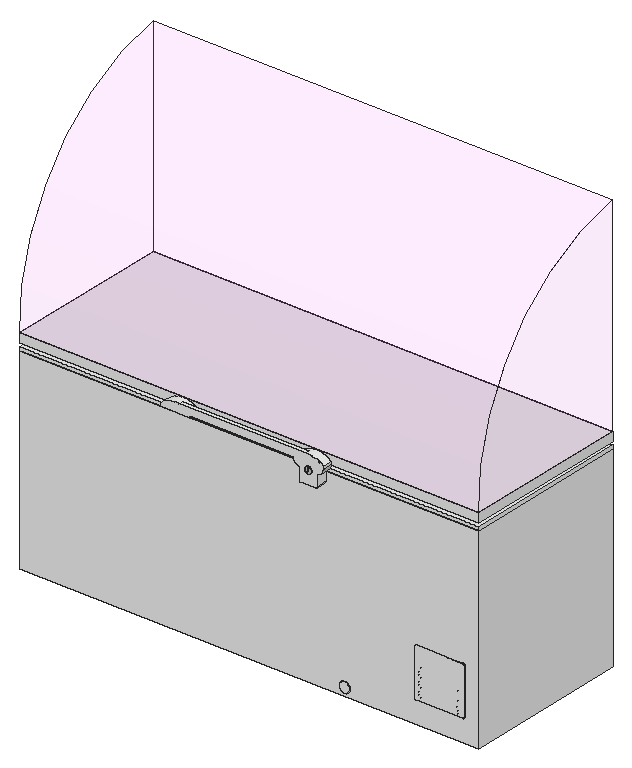
Revit family "QF_Summit_EL51LT_Chest_Freezer", category Specialty Equipment, Revit 2020
Family settings
  Round Connector Dimension = Use Diameter
  Part Type = Normal
  Work Plane-Based = No
  Always vertical = Yes
  Cut with Voids When Loaded = No
  Shared = No
  Room Calculation Point = No
Parameters
  Weight in Pounds = 210
  Watts = Volts * FL Amps  # 816.5 W
  Volts = 115 V
  URL Cutsheet = ""
  Specification by User = ""
  Specification by Manufacturer = ""
  Show Clearance [instance] = yes
  Serial Number = ""
  Seismic Rating = ""
  SMACNA No = ""
  Revision Code = ""
  Refrigerant Volume = 0.00 kip
  Refrigerant Type = "R920a"
  Phase = 1
  Number of Poles = 1
  NAFEM Spec ID Number = ""
  Model = "EL51LT"
  Min Ckt Ampacity = 0 A
  Max Overcurrent Protection = 0 A
  Masterspec = ""
  Manufacturer = "Summit"
  Length = 67"
  Item Number = ""
  Installed By = ""
  Identify Quantity as Lot = yes
  Height = 33 1/2"
  HP = ""
  Furnished By = ""
  Foodservice Equipment Identifier = yes
  FL Amps = 7.1 A
  Electrical Remarks = ""
  Electric Connection Type = ""
  Elec Conn RI Height = 0"
  Elec Conn Connection Height = 0"
  Description = "Chest Freezer"
  Depth = 27 1/4"
  Default Elevation = 0"
  Cycle = 60 Hz
  Conn Plug = ""
  Conn Conduit = yes
  CSI MasterFormat = ""
  BTUH = 0.0 Btu/h
  Apparent Power = 0 VA
Reference planes (in)
  plane 1 "BACK": y = 0
  plane 2: z = 0
  plane 3 "LEFT": x = 0
  plane 4 "RIGHT": x = 67
  plane 5 "FRONT": y = -27.25
  plane 6 "TOP": z = 33.5
  plane 7 "Center Y": x = 33.5
  plane 8 "Center X": y = -13.625
Dimensions and locks (in)
  equal spacing: plane 3 "LEFT", plane 7 "Center Y", plane 4 "RIGHT"
  "Length": plane 3 "LEFT" to plane 4 "RIGHT"
  equal spacing: plane 5 "FRONT", plane 8 "Center X", plane 1 "BACK"
  "Depth": plane 5 "FRONT" to plane 1 "BACK"
  "Height": plane 6 "TOP" to level
  nested 1 to level = 63.73861"
  aligned and locked: level to plane 2
Nested families (in)
  nested 1: "EL51LT" at (0, 0, 0), Show Clearance <- "Show Clearance", type "EL51LT"
    with Show Clearance yes
Connectors (in)
  electrical at (63.1875, -1.51158, 9.53374), driven by "Volts", driven by "Watts"
    settings: on nested 1, index 1, voltage 115 V, apparent load 816.5 VA, apparent load phase1 0 VA, apparent load phase2 0 VA, apparent load phase3 0 VA, power factor 1, load classification "Other", number of poles 1, system type 30, power factor state 1, is connector primary yes, connector utility no, sub classification motor no, connector description "ELECTRICAL CONNECTION"
Definition of nested family "EL51LT"
  Parameters (values of type "EL51LT")
    Weight in Pounds = 0
    URL Cutsheet = ""
    Specification by User = ""
    Specification by Manufacturer = ""
    Show Clearance [instance] = yes
    Serial Number = ""
    Seismic Rating = ""
    SMACNA No = ""
    Revision Code = ""
    NAFEM Spec ID Number = ""
    Masterspec = ""
    Length = 67"
    Item Number = ""
    Installed By = ""
    Identify Quantity as Lot = yes
    Height = 33 1/2"
    Furnished By = ""
    Foodservice Equipment Identifier = yes
    Depth = 27 1/4"
    Default Elevation = 0"
    CSI MasterFormat = ""
  Reference planes (in)
    plane 1 "BACK": y = 0
    plane 2: z = 0
    plane 3 "LEFT": x = 0
    plane 4 "RIGHT": x = 67
    plane 5 "FRONT": y = -27.25
    plane 6 "TOP": z = 33.5
    plane 7 "Center Y": x = 33.5
    plane 8 "Center X": y = -13.625
    plane 9: z = 2.75
  Forms (in)
    Extrusion 1, solid
      sketch origin (-38.39759, -180, 33.5) x (-1, 0, 0) y (0, -1, 0)
        loop
          line (-38.39759, -178.45717) -> (-38.39759, -154.17125) -> (-105.39759, -154.17125) -> (-105.39759, -178.45717) -> (-38.39759, -178.45717)
      from 0 to -1.30419
    Extrusion 2, solid
      sketch origin (-38.39759, -180, 32.19581) x (0, -1, 0) y (-1, 0, 0)
        loop
          line (-177.80092, -39.05493) -> (-177.80092, -104.74025) -> (-154.94908, -104.74025) -> (-154.94908, -39.05493) -> (-177.80092, -39.05493)
      from 0 to 0.47985
    Extrusion 3, solid
      sketch origin (-38.39759, -180, 31.71595) x (1, 0, 0) y (0, -1, 0)
        loop
          line (38.39759, -178.45717) -> (105.39759, -178.45717) -> (105.39759, -154.17125) -> (38.39759, -154.17125) -> (38.39759, -178.45717)
      from 0 to 0.46385
    Extrusion 4, solid
      sketch origin (-38.39759, -180, 31.71595) x (1, 0, 0) y (0, -1, 0)
        loop
          line (38.39759, -178.45717) -> (105.39759, -178.45717) -> (105.39759, -154.17125) -> (38.39759, -154.17125) -> (38.39759, -178.45717)
      from 28.96595 to 0.46385
    Extrusion 5, solid
      sketch origin (59.2525, -25.82875, 33.5) x (-1, 0, 0) y (0, 0, -1)
        loop
          line (37.62787, 0.90365) -> (37.62787, 1.30419) -> (33.37787, 1.30419) -> (33.37787, 0.90365)
          arc (33.37787, 0.90365) -> (35.50287, -0.00001) -> (37.62787, 0.90365) r 2.95036
        loop
          arc (13.87713, 0.90365) -> (16.00213, 0) -> (18.12713, 0.90365) r 2.95037
          line (18.12713, 0.90365) -> (18.12713, 1.30419) -> (13.87713, 1.30419) -> (13.87713, 0.90365)
      from 0 to 1.42125
    Extrusion 6, solid
      sketch origin (59.2525, -25.82875, 31.71595) x (-1, 0, 0) y (0, 0, -1)
        loop
          line (34.8775, -1.74305) -> (34.8775, -0.65216) -> (16.00213, -0.65216) -> (16.00213, -1.74305) -> (34.8775, -1.74305)
      from 0.83699 to 1.42125
    Extrusion 7, solid
      sketch origin (59.2525, -25.82875, 31.71595) x (-1, 0, 0) y (0, 0, -1)
        loop
          arc (18.12713, -0.47985) -> (17.90608, 0.05381) -> (17.37242, 0.27486) r 0.75471
          line (17.37242, 0.27486) -> (17.37242, 2.02486)
          arc (17.37242, 2.02486) -> (17.29919, 2.20164) -> (17.12242, 2.27486) r 0.25
          line (17.12242, 2.27486) -> (14.96466, 2.27486)
          arc (14.96466, 2.27486) -> (14.78788, 2.20164) -> (14.71466, 2.02486) r 0.25
          line (14.71466, 2.02486) -> (14.71466, 0.35768)
          arc (14.71466, 0.35768) -> (14.12244, 0.11237) -> (13.87713, -0.47985) r 0.83753
          line (13.87713, -0.47985) -> (18.12713, -0.47985)
      from 0 to 1.42125
    Extrusion 8, void
      sketch origin (59.2525, -27.25, 31.71595) x (1, 0, 0) y (0, 0, -1)
        loop
          circle (-16.07638, 0.3526) r 0.5
      from 0 to 0.12287
    Extrusion 9, solid
      sketch origin (59.2525, -27.12713, 31.71595) x (-1, 0, 0) y (0, 0, -1)
        loop
          circle (16.07638, 0.3526) r 0.5
        loop
          arc (16.04895, 0.21925) -> (16.07638, -0.00017) -> (16.1038, 0.21925) r 0.11142
          line (16.1038, 0.21925) -> (16.1038, 0.57518) -> (16.07638, 0.6026) -> (16.04895, 0.57518) -> (16.04895, 0.21925)
      from 0 to 0.12287
    Extrusion 10, solid
      sketch origin (0, -1.54283, 31.71595) x (1, 0, 0) y (0, 0, -1)
        loop
          circle (63.1875, 22.18221) r 0.25
      from 0 to 0.03125
    Extrusion 11, solid
      sketch origin (73.05749, -25.82875, 31.71595) x (-1, 0, 0) y (0, 0, -1)
        loop
          circle (25.69, 27.86549) r 0.75
      from 0 to 0.03125
    Extrusion 12, solid, visible <- "Show Clearance"
      sketch origin (0, 0, 0) x (0, 1, 0) y (0, 0, 1)
        loop
          line (-25.82875, 33.5) -> (-1.54283, 33.5) -> (-1.54283, 63.73861)
          arc (-1.54283, 63.73861) -> (-19.47417, 53.2682) -> (-25.82875, 33.5) r 29.03796
      from 0 to 67
    Extrusion 13, solid
      sketch origin (65.81842, -25.82875, 34.43595) x (-1, 0, 0) y (0, 0, -1)
        loop
          arc (7.94277, 21.38464) -> (8.08672, 21.44427) -> (8.14635, 21.58822) r 0.20358
          line (8.14635, 21.58822) -> (8.14635, 28.36902)
          arc (8.14635, 28.36902) -> (8.08685, 28.51265) -> (7.94322, 28.57214) r 0.20313
          line (7.94322, 28.57214) -> (1.16197, 28.57214)
          arc (1.16197, 28.57214) -> (1.01834, 28.51265) -> (0.95885, 28.36902) r 0.20313
          line (0.95885, 28.36902) -> (0.95885, 21.58777)
          arc (0.95885, 21.58777) -> (1.01834, 21.44413) -> (1.16197, 21.38464) r 0.20313
          line (1.16197, 21.38464) -> (7.94277, 21.38464)
      from 0 to 0.03125
    Extrusion 14, solid
      sketch origin (0, -1.54283, 31.71595) x (1, 0, 0) y (0, 0, -1)
        loop
          circle (59.84806, 22.1994) r 0.92984
        loop
          circle (7.15194, 22.1994) r 0.92984
        loop
          circle (33.5, 22.1994) r 0.92984
      from 0 to 1.54283
    Extrusion 15, void
      sketch origin (65.81842, -25.86, 34.43595) x (1, 0, 0) y (0, 0, -1)
        loop
          line (-7.68475, 24.23604) -> (-1.8226, 24.23604) -> (-1.8226, 24.3155) -> (-7.68475, 24.3155) -> (-7.68475, 24.23604)
      from 0 to 0.01747
    Extrusion 16, void
      sketch origin (65.81842, -25.86, 30.53794) x (1, 0, 0) y (0, 0, -1)
        loop
          line (-7.68475, 24.23604) -> (-1.8226, 24.23604) -> (-1.8226, 24.3155) -> (-7.68475, 24.3155) -> (-7.68475, 24.23604)
      from 0 to 0.01747
    Extrusion 17, void
      sketch origin (65.81842, -25.86, 34.00284) x (1, 0, 0) y (0, 0, -1)
        loop
          line (-7.68475, 24.23604) -> (-1.8226, 24.23604) -> (-1.8226, 24.3155) -> (-7.68475, 24.3155) -> (-7.68475, 24.23604)
      from 0 to 0.01747
    Extrusion 18, void
      sketch origin (65.81842, -25.86, 33.56972) x (1, 0, 0) y (0, 0, -1)
        loop
          line (-7.68475, 24.23604) -> (-1.8226, 24.23604) -> (-1.8226, 24.3155) -> (-7.68475, 24.3155) -> (-7.68475, 24.23604)
      from 0 to 0.01747
    Extrusion 19, void
      sketch origin (65.81842, -25.86, 33.13661) x (1, 0, 0) y (0, 0, -1)
        loop
          line (-7.68475, 24.23604) -> (-1.8226, 24.23604) -> (-1.8226, 24.3155) -> (-7.68475, 24.3155) -> (-7.68475, 24.23604)
      from 0 to 0.01747
    Extrusion 20, void
      sketch origin (65.81842, -25.86, 32.7035) x (1, 0, 0) y (0, 0, -1)
        loop
          line (-7.68475, 24.23604) -> (-1.8226, 24.23604) -> (-1.8226, 24.3155) -> (-7.68475, 24.3155) -> (-7.68475, 24.23604)
      from 0 to 0.01747
    Extrusion 21, void
      sketch origin (65.81842, -25.86, 32.27039) x (1, 0, 0) y (0, 0, -1)
        loop
          line (-7.68475, 24.23604) -> (-1.8226, 24.23604) -> (-1.8226, 24.3155) -> (-7.68475, 24.3155) -> (-7.68475, 24.23604)
      from 0 to 0.01747
    Extrusion 22, void
      sketch origin (65.81842, -25.86, 31.83728) x (1, 0, 0) y (0, 0, -1)
        loop
          line (-7.68475, 24.23604) -> (-1.8226, 24.23604) -> (-1.8226, 24.3155) -> (-7.68475, 24.3155) -> (-7.68475, 24.23604)
      from 0 to 0.01747
    Extrusion 23, void
      sketch origin (65.81842, -25.86, 31.40416) x (1, 0, 0) y (0, 0, -1)
        loop
          line (-7.68475, 24.23604) -> (-1.8226, 24.23604) -> (-1.8226, 24.3155) -> (-7.68475, 24.3155) -> (-7.68475, 24.23604)
      from 0 to 0.01747
    Extrusion 24, void
      sketch origin (65.81842, -25.86, 30.97105) x (1, 0, 0) y (0, 0, -1)
        loop
          line (-7.68475, 24.23604) -> (-1.8226, 24.23604) -> (-1.8226, 24.3155) -> (-7.68475, 24.3155) -> (-7.68475, 24.23604)
      from 0 to 0.01747
    Extrusion 25, solid
      sketch origin (36.90122, -1.63934, 38.14393) x (1, 0, 0) y (0, 0, -1)
        loop
          circle (26.28628, 28.61018) r 0.25
      from 0 to 0.03125
  Cuts and joins
    Extrusion 8 cuts Extrusion 7
    joined: Extrusion 5, Extrusion 6, Extrusion 7
    Extrusion 15, Extrusion 16, Extrusion 17, Extrusion 18, Extrusion 19, Extrusion 20, Extrusion 21, Extrusion 22, Extrusion 23, Extrusion 24 cuts Extrusion 13
  Lines and regions (in)
    Split face 1
      outline origin (65.81842, -25.86, 34.43595) x (-1, 0, 0) y (0, 0, -1)
        loop
          line (6.2016, 21.64173) -> (6.2016, 23.39173) -> (2.9516, 23.39173) -> (2.9516, 21.64173) -> (6.2016, 21.64173)
    Split face 2
      outline origin (65.81842, -25.86, 34.43595) x (-1, 0, 0) y (0, 0, -1)
        loop
          line (5.88255, 21.98724) -> (5.88255, 22.98724) -> (4.01483, 22.98724) -> (4.01483, 21.98724) -> (5.88255, 21.98724)
    symbolic lines
      curve 1: line (0, -1.54283, 0) -> (67, -1.54283, 0)
      curve 2: line (0, -25.82875, 0) -> (0, -1.54283, 0)
      curve 3: line (67, -25.82875, 0) -> (0, -25.82875, 0)
      curve 4: line (67, -1.54283, 0) -> (67, -25.82875, 0)
      curve 5: line (8.25, 0, 0) -> (8.25, -1.54283, 0)
      curve 6: line (8.25, 0, 0) -> (11.75, 0, 0)
      curve 7: line (11.75, 0, 0) -> (11.75, -1.54283, 0)
      curve 8: line (55.375, 0, 0) -> (55.375, -1.54283, 0)
      curve 9: line (55.375, 0, 0) -> (58.875, 0, 0)
      curve 10: line (58.875, 0, 0) -> (58.875, -1.54283, 0)
      curve 11: line (64.85957, -25.86, 0) -> (64.85957, -25.82875, 0)
      curve 12: line (60.61542, -25.86, 0) -> (60.61542, -25.89125, 0)
      curve 13: line (60.61542, -25.89125, 0) -> (61.04685, -25.89125, 0)
      curve 14: line (61.04685, -25.89125, 0) -> (61.04685, -25.86, 0)
      curve 15: line (61.11542, -25.86, 0) -> (61.11542, -25.89125, 0)
      curve 16: line (61.11542, -25.89125, 0) -> (61.54685, -25.89125, 0)
      curve 17: line (61.54685, -25.89125, 0) -> (61.54685, -25.86, 0)
      curve 18: line (31.75, 0, 0) -> (31.75, -1.54283, 0)
      curve 19: line (31.75, 0, 0) -> (35.25, 0, 0)
      curve 20: line (35.25, 0, 0) -> (35.25, -1.54283, 0)
      curve 21: line (21.62463, -25.82875, 0) -> (21.62463, -27.25, 0)
      curve 22: line (21.62463, -27.25, 0) -> (45.37537, -27.25, 0)
      curve 23: line (45.37537, -27.25, 0) -> (45.37537, -25.82875, 0)
      curve 24: line (41.12537, -26.66574, 0) -> (41.12537, -25.82875, 0)
      curve 25: line (41.12537, -26.66574, 0) -> (25.87463, -26.66574, 0)
      curve 26: line (25.87463, -26.66574, 0) -> (25.87463, -25.82875, 0)
      curve 27: line (46.61749, -25.86, 0) -> (46.61749, -25.82875, 0)
      curve 28: line (46.61749, -25.86, 0) -> (48.11749, -25.86, 0)
      curve 29: line (48.11749, -25.86, 0) -> (48.11749, -25.82875, 0)
      curve 30: line (52.10957, -25.82875, 0) -> (52.10957, -25.86, 0)
      curve 31: line (52.10957, -25.86, 0) -> (64.85957, -25.86, 0)
  Dimensions and locks (in)
    equal spacing: plane 3 "LEFT", plane 7 "Center Y", plane 4 "RIGHT"
    "Length": plane 3 "LEFT" to plane 4 "RIGHT"
    equal spacing: plane 5 "FRONT", plane 8 "Center X", plane 1 "BACK"
    "Depth": plane 5 "FRONT" to plane 1 "BACK"
    "Height": plane 6 "TOP" to level
    aligned and locked: level to plane 2
  Automatic sketch dimensions
    Extrusion 1 sketch curve to plane 4 "RIGHT" = 0"
    Extrusion 1 sketch curve to plane 3 "LEFT" = 0"
    plane 1 "BACK" to Extrusion 1 sketch curve = 1.54283"
    Extrusion 1 sketch curve to plane 5 "FRONT" = 1.42125"
    Extrusion 1 to Extrusion 2 sketch curve = 21/32"
    Extrusion 1 to Extrusion 2 sketch curve = 0.77783"
    Extrusion 1 to Extrusion 2 sketch curve = 0.65734"  (x2)
    Extrusion 3 sketch curve to Extrusion 2 = 0.65734"  (x2)
    Extrusion 3 sketch curve to Extrusion 2 = 0.77783"
    Extrusion 3 sketch curve to Extrusion 2 = 21/32"
    Extrusion 4 sketch curve to Extrusion 2 = 0.65734"  (x2)
    Extrusion 4 sketch curve to Extrusion 2 = 0.77783"
    Extrusion 4 sketch curve to Extrusion 2 = 21/32"
    Extrusion 5 sketch curve to Extrusion 1 = 0"  (x2)
    Extrusion 5 sketch curve to Extrusion 1 = 21.62463"
    Extrusion 5 sketch curve to Extrusion 1 = 1.64618"
    Extrusion 5 sketch curve to Extrusion 5 sketch curve = 2 1/8"  (x4)
    Extrusion 1 to Extrusion 5 sketch curve = 0.40054"
    Extrusion 5 sketch curve to Extrusion 5 sketch curve = 15.25074"
    Extrusion 5 sketch curve to Extrusion 1 = 1.64616"
    Extrusion 5 sketch curve to Extrusion 5 sketch curve = 0.40054"
    Extrusion 6 sketch curve to Extrusion 4 = 2.2069"
    Extrusion 6 sketch curve to Extrusion 4 = 23.74963"
    Extrusion 6 sketch curve to Extrusion 4 = 1.11601"
    Extrusion 4 to Extrusion 6 sketch curve = 24 3/8"
    Extrusion 7 sketch curve to Extrusion 4 = 0.9437"
    Extrusion 7 sketch curve to Extrusion 4 = 21.62463"
    Extrusion 7 sketch curve to Extrusion 4 = 0.10617"
    Extrusion 7 sketch curve to Extrusion 7 sketch curve = 1/4"  (x2)
    Extrusion 7 sketch curve to Extrusion 4 = 0.18899"
    Extrusion 7 sketch curve to Extrusion 7 sketch curve = 2.15776"
    Extrusion 4 to Extrusion 7 sketch curve = 1.56101"
    Extrusion 7 to Extrusion 8 sketch curve = 1.29604"
    Extrusion 7 to Extrusion 8 sketch curve = 0.83245"
    Extrusion 9 sketch curve to Extrusion 9 sketch curve = 0.02742"  (x3)
    Extrusion 9 sketch curve to Extrusion 9 sketch curve = 0.05485"
    Extrusion 9 sketch curve to Extrusion 9 sketch curve = 0.13335"
    Extrusion 9 sketch curve to Extrusion 9 sketch curve = 0.10799"
    Extrusion 9 sketch curve to Extrusion 9 sketch curve = 0.22258"
    Extrusion 9 sketch curve to Extrusion 9 sketch curve = 0"
    Extrusion 10 sketch curve to Extrusion 4 = 3 13/16"
    Extrusion 4 to Extrusion 10 sketch curve = 6.78374"
    Extrusion 4 to Extrusion 11 sketch curve = 1.10046"
    Extrusion 11 sketch curve to Extrusion 4 = 19.63251"
    curve 3 to plane 3 "LEFT" = 0"
    plane 1 "BACK" to curve 6 = 0"
    plane 5 "FRONT" to curve 22 = 0"
    plane 1 "BACK" to curve 19 = 0"
    plane 1 "BACK" to curve 9 = 0"
    curve 3 to plane 4 "RIGHT" = 0"
    curve 5 to curve 7 = 3 1/2"
    curve 22 to plane 7 "Center Y" = 11.87537"
    curve 25 to plane 5 "FRONT" = 0.58426"
    curve 21 to curve 25 = 4 1/4"
    curve 19 to plane 7 "Center Y" = 1 3/4"
    plane 7 "Center Y" to curve 19 = 1 3/4"
    plane 7 "Center Y" to curve 24 = 7.62537"
    curve 24 to curve 22 = 4 1/4"
    curve 23 to curve 27 = 1.24212"
    curve 27 to curve 28 = 1 1/2"
    plane 4 "RIGHT" to curve 9 = 11 5/8"
    curve 8 to curve 10 = 3 1/2"
    curve 13 to plane 5 "FRONT" = 1.35875"
    plane 4 "RIGHT" to curve 13 = 6.38458"
    curve 12 to curve 14 = 0.43143"
    curve 13 to curve 15 = 0.06857"
    curve 15 to curve 17 = 0.43143"
    curve 13 to curve 17 = 0"
    curve 27 to plane 5 "FRONT" = 1.39"
    plane 1 "BACK" to curve 1 = 1.54283"
    curve 29 to curve 30 = 3.99208"
    plane 4 "RIGHT" to curve 11 = 2.14043"
    curve 31 to curve 11 = 1/32"
    curve 16 to curve 17 = 1/32"
    plane 3 "LEFT" to curve 6 = 8 1/4"
    Extrusion 12 sketch curve to plane 6 "TOP" = 0"
    Extrusion 12 sketch curve to plane 5 "FRONT" = 1.42125"
    plane 1 "BACK" to Extrusion 12 sketch curve = 1.54283"
    plane 6 "TOP" to Extrusion 12 sketch curve = 1.58497"
    Extrusion 12 sketch curve to plane 1 "BACK" = 3.16592"
    plane 7 "Center Y" to Extrusion 13 sketch curve = 31.35957"
    Extrusion 13 sketch curve to Extrusion 13 sketch curve = 13/64"  (x2)
    Extrusion 13 sketch curve to Extrusion 13 sketch curve = 6.78079"  (x2)
    plane 9 to Extrusion 13 sketch curve = 3.31693"
    Extrusion 13 sketch curve to Extrusion 13 sketch curve = 0.00046"
    Extrusion 13 sketch curve to Extrusion 13 sketch curve = 0.20358"
    Split face 1 sketch curve to Extrusion 13 = 0.25708"
    Split face 1 sketch curve to Extrusion 13 = 1.99275"
    Split face 1 sketch curve to Extrusion 13 = 1.94475"
    Split face 1 sketch curve to Split face 1 sketch curve = 1 3/4"
    Split face 2 sketch curve to Extrusion 13 = 0.6026"
    Split face 2 sketch curve to Extrusion 13 = 3.05598"
    Split face 2 sketch curve to Split face 2 sketch curve = 1.86773"
    Split face 2 sketch curve to Split face 2 sketch curve = 1"
    plane 7 "Center Y" to Extrusion 15 sketch curve = 24.63367"
    Extrusion 15 sketch curve to Extrusion 15 sketch curve = 5.86216"
    plane 9 to Extrusion 15 sketch curve = 7.44991"
    Extrusion 15 sketch curve to Extrusion 15 sketch curve = 0.07946"
    plane 9 to Extrusion 16 sketch curve = 3.47244"
    plane 7 "Center Y" to Extrusion 16 sketch curve = 24.63367"
    Extrusion 16 sketch curve to Extrusion 16 sketch curve = 5.86216"
    Extrusion 16 sketch curve to Extrusion 16 sketch curve = 0.07946"
    plane 7 "Center Y" to Extrusion 17 sketch curve = 24.63367"
    Extrusion 17 sketch curve to Extrusion 17 sketch curve = 5.86216"
    plane 9 to Extrusion 17 sketch curve = 7.01679"
    Extrusion 17 sketch curve to Extrusion 17 sketch curve = 0.07946"
    plane 7 "Center Y" to Extrusion 18 sketch curve = 24.63367"
    Extrusion 18 sketch curve to Extrusion 18 sketch curve = 5.86216"
    plane 9 to Extrusion 18 sketch curve = 6.58368"
    Extrusion 18 sketch curve to Extrusion 18 sketch curve = 0.07946"
    plane 9 to Extrusion 19 sketch curve = 6.07111"
    plane 7 "Center Y" to Extrusion 19 sketch curve = 24.63367"
    Extrusion 19 sketch curve to Extrusion 19 sketch curve = 5.86216"
    Extrusion 19 sketch curve to Extrusion 19 sketch curve = 0.07946"
    plane 9 to Extrusion 20 sketch curve = 5.638"
    plane 7 "Center Y" to Extrusion 20 sketch curve = 24.63367"
    Extrusion 20 sketch curve to Extrusion 20 sketch curve = 5.86216"
    Extrusion 20 sketch curve to Extrusion 20 sketch curve = 0.07946"
    plane 9 to Extrusion 21 sketch curve = 5.20488"
    plane 7 "Center Y" to Extrusion 21 sketch curve = 24.63367"
    Extrusion 21 sketch curve to Extrusion 21 sketch curve = 5.86216"
    Extrusion 21 sketch curve to Extrusion 21 sketch curve = 0.07946"
    plane 9 to Extrusion 22 sketch curve = 4.77177"
    plane 7 "Center Y" to Extrusion 22 sketch curve = 24.63367"
    Extrusion 22 sketch curve to Extrusion 22 sketch curve = 5.86216"
    Extrusion 22 sketch curve to Extrusion 22 sketch curve = 0.07946"
    plane 9 to Extrusion 23 sketch curve = 4.33866"
    plane 7 "Center Y" to Extrusion 23 sketch curve = 24.63367"
    Extrusion 23 sketch curve to Extrusion 23 sketch curve = 5.86216"
    Extrusion 23 sketch curve to Extrusion 23 sketch curve = 0.07946"
    plane 9 to Extrusion 24 sketch curve = 3.90555"
    plane 7 "Center Y" to Extrusion 24 sketch curve = 24.63367"
    Extrusion 24 sketch curve to Extrusion 24 sketch curve = 5.86216"
    Extrusion 24 sketch curve to Extrusion 24 sketch curve = 0.07946"
    plane 9 to Extrusion 25 sketch curve = 6.78374"
    plane 7 "Center Y" to Extrusion 25 sketch curve = 29 11/16"
    Extrusion 14 sketch curve to Extrusion 4 = 7.15194"  (x2)
    Extrusion 4 to Extrusion 14 sketch curve = 6.76655"  (x3)
    Extrusion 14 sketch curve to Extrusion 14 sketch curve = 26.34806"
    radius of Extrusion 8 sketch curve = 1/2"
    radius of Extrusion 9 sketch curve to Extrusion 8 = 0"
    radius of Extrusion 10 sketch curve = 1/4"
    radius of Extrusion 11 sketch curve = 3/4"
    radius of Extrusion 25 sketch curve = 1/4"
    radius of Extrusion 14 sketch curve = 0.92984"  (x3)
  Nested families (in)
    nested 1: "2 INCHES_CASTER" at (4, -21.82875, 0), type "2 INCHES_CASTER"
      with Type Mark "", Specification by User "", Revision Code "", Item Number "", Installed By "", Identify Quantity as Lot yes, Furnished By "", Foodservice Equipment Identifier yes, 2.5 Inches Caster yes
    nested 2: "2 INCHES_CASTER" at (63, -21.82875, 0), type "2 INCHES_CASTER"
      with Type Mark "", Specification by User "", Revision Code "", Item Number "", Installed By "", Identify Quantity as Lot yes, Furnished By "", Foodservice Equipment Identifier yes, 2.5 Inches Caster yes
    nested 3: "2 INCHES_CASTER" at (4, -6.07875, 0), type "2 INCHES_CASTER"
      with Type Mark "", Specification by User "", Revision Code "", Item Number "", Installed By "", Identify Quantity as Lot yes, Furnished By "", Foodservice Equipment Identifier yes, 2.5 Inches Caster yes
    nested 4: "2 INCHES_CASTER" at (63, -6.07875, 0), type "2 INCHES_CASTER"
      with Type Mark "", Specification by User "", Revision Code "", Item Number "", Installed By "", Identify Quantity as Lot yes, Furnished By "", Foodservice Equipment Identifier yes, 2.5 Inches Caster yes
  Definition of nested family "2 INCHES_CASTER"
    Parameters (values of type "2 INCHES_CASTER")
      Weight = ""
      URL Manufacturer = ""
      URL Cutsheet = ""
      URL = ""
      Type Mark [instance] = ""
      Specification by User [instance] = ""
      Specification by Manufacturer = ""
      Serial Number = ""
      Seismic Rating = ""
      SMACNA No = ""
      Revision Code [instance] = ""
      Omniclass Number and Title = ""
      NAFEM Spec ID Number = ""
      Model = ""
      MasterSpec. = ""
      Manufacturer = ""
      Item Number [instance] = ""
      Installed By [instance] = ""
      Identify Quantity as Lot [instance] = yes
      Furnished By [instance] = ""
      Foodservice Equipment Identifier [instance] = yes
      Description = ""
      Default Elevation = 0"
      CSI MasterFormat = ""
      CSI Master Format = ""
      Assembly Code = ""
      2.5 Inches Caster [instance] = yes
    Reference planes (in)
      plane 1: z = 0
      plane 2 "RIGHT": x = 0
      plane 3 "FRONT": y = 0
      plane 4 "TOP": z = 2.75
    Forms (in)
      Revolve 1, solid, visible <- "2.5 Inches Caster"
        sketch origin (-1.93794, 0.46818, -1.0041) x (1, 0, 0) y (0, 0, 1)
          loop
            line (0.74055, 1.86347) -> (0.74055, 1.78797) -> (0.79055, 1.73797) -> (0.85055, 1.73797) -> (0.85055, 1.6179) -> (1.235, 1.6179) -> (1.235, 1.55055) -> (1.38673, 1.46295) -> (1.4003, 1.3791) -> (1.34375, 1.3791) -> (1.34375, 1.2541) -> (1.375, 1.2541) -> (1.375, 1.0041) -> (2.48438, 1.0041) -> (2.48438, 1.2541) -> (2.51563, 1.2541) -> (2.51563, 1.3791) -> (2.45908, 1.3791) -> (2.47322, 1.46647) -> (2.62438, 1.55374) -> (2.62438, 1.6179) -> (3.04007, 1.6179) -> (3.04007, 1.73797) -> (3.10007, 1.73797) -> (3.15007, 1.78797) -> (3.15007, 1.86347) -> (0.74055, 1.86347)
          axis (0.74055, 1.86347) -> (3.15007, 1.86347)
        angle from 0 to 360
      Extrusion 2, solid, visible <- "2.5 Inches Caster"
        sketch origin (-1.93794, 1.43296, -3.41527) x (0, 1, 0) y (0, 0, 1)
          loop
            line (-0.64294, 5.3791) -> (-2.21294, 5.3791) -> (-2.21294, 5.24769) -> (-1.37414, 5.24769)
            arc (-1.37414, 5.24769) -> (-0.62115, 5.15851) -> (0.05138, 4.80832) r 2.10495
            line (0.05138, 4.80832) -> (0.12713, 4.91318)
            arc (0.12713, 4.91318) -> (-0.07255, 5.06376) -> (-0.29048, 5.18644) r 1.8753
            line (-0.29048, 5.18644) -> (-0.22239, 5.30423)
            arc (-0.22239, 5.30423) -> (-0.42936, 5.36024) -> (-0.64294, 5.3791) r 1.21859
        from 1.17357 to 2.70231
      Revolve 3, solid, visible <- "2.5 Inches Caster"
        sketch origin (0, 1.73858, -3.75) x (0, 1, 0) y (0, 0, 1)
          loop
            line (-1.73858, 5.71382) -> (-1.05793, 5.71382) -> (-1.05793, 6.5) -> (-1.73858, 6.5) -> (-1.73858, 5.71382)
          axis (-1.73858, 5.71382) -> (-1.73858, 6.5)
        angle from 0 to 360
      Extrusion 4, solid, visible <- "2.5 Inches Caster"
        sketch origin (-1.98481, 1.43296, -1.7541) x (0, 1, 0) y (0, 0, 1)
          loop
            line (-2.21294, 3.71792) -> (-2.21294, 3.58652) -> (-1.94904, 3.58652)
            arc (-1.94904, 3.58652) -> (-1.56115, 3.28048) -> (-1.39241, 2.81612) r 0.90292
            arc (-1.39241, 2.81612) -> (-1.36136, 2.62044) -> (-1.29729, 2.43295) r 1.15385
            arc (-1.29729, 2.43295) -> (-0.94802, 2.21237) -> (-0.6121, 2.45278) r 0.37001
            arc (-0.6121, 2.45278) -> (-0.59625, 2.50123) -> (-0.58446, 2.55082) r 0.61695
            arc (-0.58446, 2.55082) -> (-0.36134, 2.95548) -> (0.05609, 3.15367) r 0.75313
            line (0.05609, 3.15367) -> (0.12713, 3.252)
            arc (0.12713, 3.252) -> (-0.07255, 3.40259) -> (-0.29048, 3.52526) r 1.8753
            line (-0.29048, 3.52526) -> (-0.22239, 3.64306)
            arc (-0.22239, 3.64306) -> (-0.42936, 3.69906) -> (-0.64294, 3.71792) r 1.21859
            line (-0.64294, 3.71792) -> (-2.21294, 3.71792)
        from 2.74918 to 2.90825
      Extrusion 5, solid, visible <- "2.5 Inches Caster"
        sketch origin (1.98481, 1.43296, -1.7541) x (0, 1, 0) y (0, 0, -1)
          loop
            arc (-0.58446, -2.55082) -> (-0.59625, -2.50123) -> (-0.6121, -2.45278) r 0.61695
            arc (-0.6121, -2.45278) -> (-0.94802, -2.21237) -> (-1.29729, -2.43295) r 0.37001
            arc (-1.29729, -2.43295) -> (-1.36136, -2.62044) -> (-1.39241, -2.81612) r 1.15385
            arc (-1.39241, -2.81612) -> (-1.56115, -3.28048) -> (-1.94904, -3.58652) r 0.90292
            line (-1.94904, -3.58652) -> (-2.21294, -3.58652) -> (-2.21294, -3.71792) -> (-0.64294, -3.71792)
            arc (-0.64294, -3.71792) -> (-0.42936, -3.69906) -> (-0.22239, -3.64306) r 1.21859
            line (-0.22239, -3.64306) -> (-0.29048, -3.52526)
            arc (-0.29048, -3.52526) -> (-0.07255, -3.40259) -> (0.12713, -3.252) r 1.8753
            line (0.12713, -3.252) -> (0.05609, -3.15367)
            arc (0.05609, -3.15367) -> (-0.36134, -2.95548) -> (-0.58446, -2.55082) r 0.75313
        from 2.74918 to 2.90825
    Lines and regions (in)
      symbolic lines, visible <- "2.5 Inches Caster"
        curve 1: line (0.10651, 1.59133, 0) -> (0.80944, 1.1855, 0)
        curve 2: line (-0.89349, -0.14072, 0) -> (0.10651, 1.59133, 0)
        curve 3: line (-0.19056, -0.54656, 0) -> (-0.89349, -0.14072, 0)
        curve 4: line (0.80944, 1.1855, 0) -> (-0.19056, -0.54656, 0)
    Dimensions and locks (in)
      plane 4 "TOP" to level = 2 3/4"  (x2)
      aligned and locked: level to plane 1
